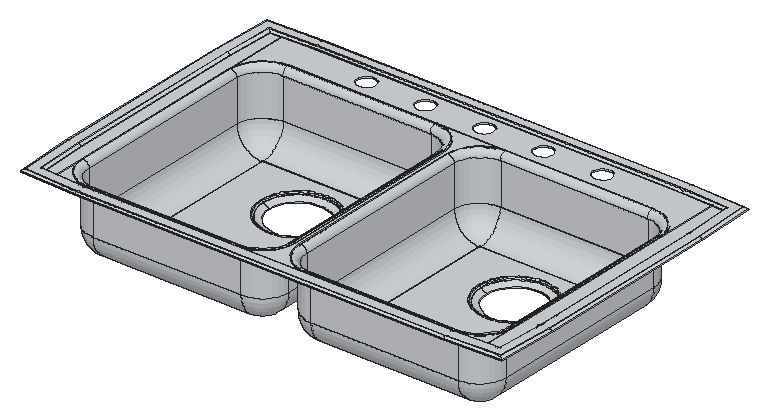
Revit family "LRAD332150", category Plumbing Fixtures, Revit 2019
Family settings
  Round Connector Dimension = Use Diameter
  Part Type = Normal
  OmniClass Number = 23.45.05.14.14
  OmniClass Title = Sinks/Lavatories
  Work Plane-Based = No
  Always vertical = Yes
  Cut with Voids When Loaded = No
  Shared = No
  Room Calculation Point = No
Parameters (values of type "LRAD3319655")
  URL = "www.elkayusa.com"
  Specification Sheet URL = "http://www.elkayusa.com/cps/rde/xbcr/elkay/01-62H_LR(Q)_LRAD(Q)_Double_Bowl.pdf"
  Sink Width = 1' - 9 1/4"  # constant formula
  Sink Material = none
  Sink Length = 2' - 9"  # constant formula
  Sink Ledge Sides Width = 0' - 2 3/8"  # constant formula
  Sink Ledge Front Width = 0' - 1 1/2"  # constant formula
  Sink Ledge Back Width = 0' - 3 3/4"  # constant formula
  Sink Depth = 0' - 5"  # constant formula
  Sink Bowl Formula = ((Sink Length - Sink Ledge Sides Width - Sink Ledge Sides Width - Partition Width) / 2)  # 1' - 1 1/2"
  Partition Width = 0' - 1 1/4"  # constant formula
  Model = "LR3321"
  Minimum Cabinet Width = "36\""
  Manufacturer = "Elkay Manufacturing"
  Installation Sheet URL = "http://www.elkayusa.com/cps/rde/xbcr/elkay/74180147.pdf"
  Hole 5 Top = 0' - 2"
  Hole 4 Top = 0' - 2"
  Hole 3 Top = 0' - 2"
  Hole 2 Top = 0' - 2"
  Hole 1 to 6 = 1' - 6"
  Hole 1 to 8 = 2' - 0"
  Hole 1 to 7 = 1' - 9"
  Hole 1 to 5 = 1' - 4"
  Hole 1 to 4 = 1' - 0"
  Hole 1 to 3 = 0' - 8"
  Hole 1 to 2 = 0' - 4"
  Hole 1 from CL = 0' - 8"
  Hole 1 Top = 0' - 2"
  Faucet Hole CL = 0' - 2 1/8"  # constant formula
  Drain Location = 0' - 5"  # constant formula
  Description = "Lustertone Double Bowl Sink"
  Deep Specification Sheet URL = "http://www.elkayusa.com/cps/rde/xbcr/elkay/01-19G_DLR(Q)_Double_Bowl.pdf"
  Custom Bowl = no
  Custom Bowl Length = ((Sink Length - Sink Ledge Sides Width - Sink Ledge Sides Width - Partition Width) / 2) - CL Sink to CL Partition  # 1' - 1 1/2"
  CL Sink to CL Partition = 0' - 0"
  Bowl Length = ((Sink Length - Sink Ledge Sides Width - Sink Ledge Sides Width - Partition Width) / 2)  # 1' - 1 1/2"
  Left Bowl Length = if(Custom Bowl, Custom Bowl Length, Sink Bowl Formula)  # 1' - 1 1/2"
  2D Hole 5 = Hole 5 Top = 0' 2"  # yes
  2D Hole 4 = Hole 4 Top = 0' 2"  # yes
  2D Hole 3 = Hole 3 Top = 0' 2"  # yes
  2D Hole 2 = Hole 2 Top = 0' 2"  # yes
  2D Hole 1 = Hole 1 Top = 0' 2"  # yes
Types (6): name | Hole 5 Top | Hole 4 Top | Hole 3 Top | Hole 2 Top | Hole 1 to 5 | Hole 1 from CL | 2D Hole 5 | 2D Hole 4 | 2D Hole 3 | 2D Hole 2
  LRAD3319655 | 0' - 2" | 0' - 2" | 0' - 2" | 0' - 2" | 1' - 4" | 0' - 8" | yes | yes | yes | yes
  LRAD3319654 | 0' - 1 1/2" | 0' - 2" | 0' - 2" | 0' - 2" | 1' - 3" | 0' - 4" | no | yes | yes | yes
  LRAD3319653 | 0' - 1 1/2" | 0' - 1 1/2" | 0' - 2" | 0' - 2" | 1' - 3" | 0' - 4" | no | no | yes | yes
  LRAD331965MR2 | 0' - 1 1/2" | 0' - 1 1/2" | 0' - 1 1/2" | 0' - 2" | 1' - 3" | 0' - 0" | no | no | no | yes
  LRAD3319652 | 0' - 1 1/2" | 0' - 1 1/2" | 0' - 1 1/2" | 0' - 2" | 1' - 3" | 0' - 2" | no | no | no | yes
  LRAD3319651 | 0' - 1 1/2" | 0' - 1 1/2" | 0' - 1 1/2" | 0' - 1 1/2" | 1' - 3" | 0' - 0" | no | no | no | no
Reference planes (in)
  plane 1 "CL Sink Hole": y = 3
  plane 2 "Rim Top Outside Corner": z = 0.0015695
  plane 3 "Center (Left/Right)": x = 0
  plane 4 "Basin Edge Left": x = -14.125
  plane 5 "Basin Edge Right": x = 14.125
  plane 6 "Basin Edge Back": y = 8
  plane 7 "Basin Edge Front": y = -8
  plane 8 "Left": x = -16.5
  plane 9 "Right": x = 16.5
  plane 10 "Back": y = 11.75
  plane 11 "Front": y = -9.5
  plane 12 "Sink Angle Back Corner": y = 11.5792275
  plane 13 "Sink Angle Right Corner": x = 16.3267866
  plane 14 "Sink Angle Right": x = 12.5172067
  plane 15 "Sink Angle Back": y = 7.4648437
  plane 16 "Sink Angle Left": x = -12.515625
  plane 17 "Sink Angle Left Corner": x = -16.328125
  plane 18 "Sink Angle Front Corner": y = -9.328125
  plane 19 "Sink Angle Front": y = -5.2148438
  plane 20 "Sink Top Face Back Edge": y = 10.7219509
  plane 21 "Sink Top Face Front Edge": y = -8.4726563
  plane 22 "Sink Top Face Right Edge": x = 14.5976563
  plane 23 "Sink Top Face Left Edge": x = -14.5976562
  plane 24 "Sink Bowl Bottom (Top Face)": z = -4.8945312
  plane 25 "Faucet CL": y = 9.625
  plane 26 "Sink Top Piece Top Face": z = -0.0194305
  plane 27 "Sink Top Piece Bottom Face": z = -0.0819305
  plane 28 "Left Sink Bottom Piece Right Edge": x = -2.3125
  plane 29 "Top Void for Radius Back Edge": y = 5.5
  plane 30 "back ledge void radius": y = 8.4921875
  plane 31 "front ledge void radius": y = -8.4921875
  plane 32 "Top Radius Corner Prot": z = -0.4405305
  plane 33: z = -3.2070312
  plane 34 "Sink Bowl Bottom (Bottom Face)": z = -4.9570312
  plane 35 "Left Sink Bottom Piece Left Edge": x = -12.4375
  plane 36 "Sink Bottom Piece Right Edge": x = 12.4375
  plane 37 "Sink Bottom Piece Back Edge": y = 6.3125
  plane 38 "Sink Bottom Piece Front Edge": y = -6.3125
  plane 39 "Top Void for Radius Front Edge": y = -5
  plane 40 "Sink Top Locked Edge Right": x = 15.5625
  plane 41 "Sink Top Locked Edge Left": x = -15.5625
  plane 42 "Hole 1": x = -8
  plane 43 "Hole 2": x = -4
  plane 44 "Hole 3": x = 0
  plane 45 "Hole 4": x = 4
  plane 46 "Hole 5": x = 8
  plane 47 "Faucet Hole Void Bottoms": z = -1.9984305
  plane 48 "Hole 1 Top": z = 0.0015695
  plane 49 "Hole 2 Top": z = 0.0015695
  plane 50 "Hole 3 Top": z = 0.0015695
  plane 51 "Hole 4 Top": z = 0.0015695
  plane 52 "Hole 5 Top": z = 0.0015695
  plane 53 "Top": z = 0.1054687
  plane 54 "Insertion Plan for Sink - Bottom Outside Corner of Rim": z = -0.0524008
  plane 55 "Center (Front/Back)": y = 0
  plane 56 "CL PARTITION": x = 0
  plane 57 "LEFT BOWL RIGHT EDGE": x = -0.625
  plane 58 "RIGHT BOWL LEFT EDGE": x = 0.625
  plane 59 "Sink Bottom Piece Left Edge": x = 2.3125
  plane 60 "Left Bowl CL Drain": x = -7.375
  plane 61 "Right Bowl CL Drain": x = 7.375
  plane 62 "Left Partition Left Edge": x = -0.1328125
  plane 63 "Left Partition Right Edge": x = 0.1328125
Forms (in)
  Sweep 1, solid, material <- "Sink Material"
    path origin (0, 0, 0) x (1, 0, 0) y (0, 1, 0)
      loop
        line (12.5172067, 11.75) -> (-12.515625, 11.75) -> (-16.328125, 11.5792275) -> (-16.5, 7.4648437) -> (-16.5, -5.2148438) -> (-16.328125, -9.328125) -> (-12.515625, -9.5) -> (12.5172067, -9.5) -> (16.3267866, -9.328125) -> (16.5, -5.2148438) -> (16.5, 7.4648437) -> (16.3267866, 11.5792275) -> (12.5172067, 11.75)
    profile "profile-elkay-sink-rim-1 : profile-elkay-sink-rim-1" origin (0.0007909, 11.75, 0) x (0, -1, 0) y (0, 0, 1)
      loop
        line (0, 0) -> (0, -0.0524008) -> (0.2039181, 0.0577989) -> (0.8052651, 0.0577989) -> (1.0074493, -0.0709913) -> (1.0074493, -0.0163327) -> (0.841093, 0.0896347)
        arc (0.841093, 0.0896347) -> (0.8176388, 0.1002604) -> (0.7921483, 0.1038992) r 0.091102
        line (0.7921483, 0.1038992) -> (0.2153023, 0.1038992)
        arc (0.2153023, 0.1038992) -> (0.1929626, 0.1011179) -> (0.1719868, 0.0929438) r 0.0911081
        line (0.1719868, 0.0929438) -> (0, 0)
  Extrusion 2, solid, material <- "Sink Material"
    sketch origin (0, 0, 0) x (1, 0, 0) y (0, 1, 0)
      loop
        line (-14.5976562, 10.7219509) -> (-14.5976562, 5.5) -> (14.5976563, 5.5) -> (14.5976563, 10.7219509) -> (-14.5976562, 10.7219509)
    from -0.0819305 to -0.0194305
  Extrusion 3, void
    sketch origin (0, 0, 0) x (1, 0, 0) y (0, 1, 0)
      loop
        line (14.5976563, 5.5) -> (14.5976563, 6.1441505)
        arc (14.5976563, 6.1441505) -> (13.9099321, 7.8044634) -> (12.2496193, 8.4921875) r 2.348037
        line (12.2496193, 8.4921875) -> (-12.25, 8.4921875)
        arc (-12.25, 8.4921875) -> (-13.9100437, 7.8045749) -> (-14.5976562, 6.1445312) r 2.3476562
        line (-14.5976562, 6.1445312) -> (-14.5976562, 5.5) -> (14.5976563, 5.5)
    from -0.7469965 to 0.495879
  Extrusion 4, solid, material <- "Sink Material"
    sketch origin (0, 0, 0) x (1, 0, 0) y (0, 1, 0)
      loop
        line (-14.5976562, -5.2148438) -> (-14.5976562, -8.4726563) -> (14.5976563, -8.4726563) -> (14.5976563, -5.2148438) -> (-14.5976562, -5.2148438)
    from -0.0819305 to -0.0194305
  Extrusion 5, void
    sketch origin (0, 0, 0) x (1, 0, 0) y (0, 1, 0)
      loop
        line (-14.5976562, -5) -> (-14.5976562, -6.2107599)
        arc (-14.5976562, -6.2107599) -> (-13.9294416, -7.8239728) -> (-12.3162287, -8.4921875) r 2.2814276
        line (-12.3162287, -8.4921875) -> (12.3164063, -8.4921875)
        arc (12.3164063, -8.4921875) -> (13.9294936, -7.8240248) -> (14.5976562, -6.2109375) r 2.28125
        line (14.5976562, -6.2109375) -> (14.5976563, -5) -> (-14.5976562, -5)
    from -1.9984305 to 0.6466859
  Extrusion 6, solid, material <- "Sink Material"
    sketch origin (0, 0, 0) x (1, 0, 0) y (0, 1, 0)
      loop
        line (-15.5625, 10.7219509) -> (-15.5625, -8.4726563) -> (-14.5976562, -8.4726563) -> (-14.5976562, 10.7219509) -> (-15.5625, 10.7219509)
    from -0.0819305 to -0.0194305
  Extrusion 7, solid, material <- "Sink Material"
    sketch origin (0, 0, 0) x (1, 0, 0) y (0, 1, 0)
      loop
        line (14.5976563, 10.7219509) -> (14.5976563, -8.4726563) -> (15.5625, -8.4726563) -> (15.5625, 10.7219509) -> (14.5976563, 10.7219509)
    from -0.0819305 to -0.0194305
  Sweep 8, solid, material <- "Sink Material"
    path origin (-14.75, 0, -0.0194305) x (-1, 0, 0) y (0, -1, 0)
      loop
        line (-12.375, -8) -> (-2.375, -8)
        arc (-2.375, -8) -> (-1.1375631, -7.4874369) -> (-0.625, -6.25) r 1.75
        line (-0.625, -6.25) -> (-0.625, 6.25)
        arc (-0.625, 6.25) -> (-1.1375631, 7.4874369) -> (-2.375, 8) r 1.75
        line (-2.375, 8) -> (-12.375, 8)
        arc (-12.375, 8) -> (-13.6124369, 7.4874369) -> (-14.125, 6.25) r 1.75
        line (-14.125, 6.25) -> (-14.125, -6.25)
        arc (-14.125, -6.25) -> (-13.6124369, -7.4874369) -> (-12.375, -8) r 1.75
    profile "profile-elkay-sink-top corner : profile-elkay-sink-top corner" origin (-7.375, 8, -0.0194305) x (0, -1, 0) y (0, 0, 1)
      loop
        line (-0.4204811, 0) -> (-0.4921875, 0) -> (-0.4921875, -0.0461) -> (-0.4204811, -0.0461)
        arc (-0.4204811, -0.0461) -> (-0.1553161, -0.155935) -> (-0.0454811, -0.4211) r 0.375
        line (-0.0454811, -0.4211) -> (0.0006189, -0.4211)
        arc (0.0006189, -0.4211) -> (-0.1227185, -0.1233373) -> (-0.4204811, 0) r 0.4211
  Sweep 9, solid, material <- "Sink Material"
    path origin (-14.75, 0, -4.8945312) x (-1, 0, 0) y (0, -1, 0)
      loop
        line (-0.625, -6.25) -> (-0.625, 6.25)
        arc (-0.625, 6.25) -> (-1.1375631, 7.4874369) -> (-2.375, 8) r 1.75
        line (-2.375, 8) -> (-12.375, 8)
        arc (-12.375, 8) -> (-13.6124369, 7.4874369) -> (-14.125, 6.25) r 1.75
        line (-14.125, 6.25) -> (-14.125, -6.25)
        arc (-14.125, -6.25) -> (-13.6124369, -7.4874369) -> (-12.375, -8) r 1.75
        line (-12.375, -8) -> (-2.375, -8)
        arc (-2.375, -8) -> (-1.1375631, -7.4874369) -> (-0.625, -6.25) r 1.75
    profile "profile-elkay-sink-btm-crnr_1-6875 : profile-elkay-sink-btm-crnr_1-6875" origin (-14.125, 0, -4.8945312) x (1, 0, 0) y (0, 0, 1)
      loop
        line (1.6875, -0.0625) -> (1.6875, 0)
        arc (1.6875, 0) -> (0.4942573, 0.4942573) -> (0, 1.6875) r 1.6875
        line (0, 1.6875) -> (-0.0625, 1.6875)
        arc (-0.0625, 1.6875) -> (0.4500631, 0.4500631) -> (1.6875, -0.0625) r 1.75
  Extrusion 10, solid, material <- "Sink Material"
    sketch origin (0, 0, 0) x (1, 0, 0) y (0, 1, 0)
      loop
        line (-12.4375, 6.3125) -> (-12.4375, -6.3125) -> (-2.3125, -6.3125) -> (-2.3125, 6.3125) -> (-12.4375, 6.3125)
    from -4.9570312 to -4.8945312
  Extrusion 11, solid, material <- "Sink Material"
    sketch origin (-14.75, 0, 0) x (1, 0, 0) y (0, 1, 0)
      loop
        arc (2.375, 8) -> (1.1375631, 7.4874369) -> (0.625, 6.25) r 1.75
        line (0.625, 6.25) -> (0.625, -6.25)
        arc (0.625, -6.25) -> (1.1375631, -7.4874369) -> (2.375, -8) r 1.75
        line (2.375, -8) -> (12.375, -8)
        arc (12.375, -8) -> (13.6124369, -7.4874369) -> (14.125, -6.25) r 1.75
        line (14.125, -6.25) -> (14.125, 6.25)
        arc (14.125, 6.25) -> (13.6124369, 7.4874369) -> (12.375, 8) r 1.75
        line (12.375, 8) -> (2.375, 8)
      loop
        arc (2.375, 8.0625) -> (1.093369, 7.531631) -> (0.5625, 6.25) r 1.8125
        line (0.5625, 6.25) -> (0.5625, -6.25)
        arc (0.5625, -6.25) -> (1.093369, -7.531631) -> (2.375, -8.0625) r 1.8125
        line (2.375, -8.0625) -> (12.375, -8.0625)
        arc (12.375, -8.0625) -> (13.656631, -7.531631) -> (14.1875, -6.25) r 1.8125
        line (14.1875, -6.25) -> (14.1875, 6.25)
        arc (14.1875, 6.25) -> (13.656631, 7.531631) -> (12.375, 8.0625) r 1.8125
        line (12.375, 8.0625) -> (2.375, 8.0625)
    from -3.2070312 to -0.4405305
  Extrusion 12, void
    sketch origin (0, 0, 0) x (1, 0, 0) y (0, 1, 0)
      loop
        circle (-7.375, 3) r 2.5
    from -4.9570312 to -3.8320313
  Sweep 13, solid, material <- "Sink Material"
    path origin (-14.75, 0, -4.8945312) x (-1, 0, 0) y (0, -1, 0)
      loop
        circle (-7.375, -3) r 2.501635
    profile "profile-elkay-sink-hole-1 : profile-elkay-sink-hole-1" origin (-7.375, 0.498365, -4.8945312) x (0, 1, 0) y (0, 0, 1)
      loop
        line (0.5785343, -0.3269365) -> (0.1564602, -0.1343744)
        arc (0.1564602, -0.1343744) -> (0.1424945, -0.125589) -> (0.1313144, -0.1134552) r 0.0625
        line (0.1313144, -0.1134552) -> (0.0881719, -0.0522605)
        arc (0.0881719, -0.0522605) -> (0.0506391, -0.015074) -> (0, 0) r 0.1086
        line (0, 0) -> (0, -0.0461763)
        arc (0, -0.0461763) -> (0.0262058, -0.0541921) -> (0.0464633, -0.0726482) r 0.0625
        line (0.0464633, -0.0726482) -> (0.093406, -0.1396891)
        arc (0.093406, -0.1396891) -> (0.1129384, -0.1609677) -> (0.1373891, -0.176345) r 0.1086
        line (0.1373891, -0.176345) -> (0.5785343, -0.3776079) -> (0.5785343, -0.3269365)
  Sweep 14, solid, material <- "Sink Material"
    path origin (14.75, 0, -0.0194305) x (-1, 0, 0) y (0, -1, 0)
      loop
        line (2.375, -8) -> (12.375, -8)
        arc (12.375, -8) -> (13.6124369, -7.4874369) -> (14.125, -6.25) r 1.75
        line (14.125, -6.25) -> (14.125, 6.25)
        arc (14.125, 6.25) -> (13.6124369, 7.4874369) -> (12.375, 8) r 1.75
        line (12.375, 8) -> (2.375, 8)
        arc (2.375, 8) -> (1.1375631, 7.4874369) -> (0.625, 6.25) r 1.75
        line (0.625, 6.25) -> (0.625, -6.25)
        arc (0.625, -6.25) -> (1.1375631, -7.4874369) -> (2.375, -8) r 1.75
    profile "profile-elkay-sink-top corner : profile-elkay-sink-top corner" origin (7.375, 8, -0.0194305) x (0, -1, 0) y (0, 0, 1)
      loop
        line (-0.4204811, 0) -> (-0.4921875, 0) -> (-0.4921875, -0.0461) -> (-0.4204811, -0.0461)
        arc (-0.4204811, -0.0461) -> (-0.1553161, -0.155935) -> (-0.0454811, -0.4211) r 0.375
        line (-0.0454811, -0.4211) -> (0.0006189, -0.4211)
        arc (0.0006189, -0.4211) -> (-0.1227185, -0.1233373) -> (-0.4204811, 0) r 0.4211
  Sweep 15, solid, material <- "Sink Material"
    path origin (14.75, 0, -4.8945312) x (-1, 0, 0) y (0, -1, 0)
      loop
        line (14.125, -6.25) -> (14.125, 6.25)
        arc (14.125, 6.25) -> (13.6124369, 7.4874369) -> (12.375, 8) r 1.75
        line (12.375, 8) -> (2.375, 8)
        arc (2.375, 8) -> (1.1375631, 7.4874369) -> (0.625, 6.25) r 1.75
        line (0.625, 6.25) -> (0.625, -6.25)
        arc (0.625, -6.25) -> (1.1375631, -7.4874369) -> (2.375, -8) r 1.75
        line (2.375, -8) -> (12.375, -8)
        arc (12.375, -8) -> (13.6124369, -7.4874369) -> (14.125, -6.25) r 1.75
    profile "profile-elkay-sink-btm-crnr_1-6875 : profile-elkay-sink-btm-crnr_1-6875" origin (0.625, 0, -4.8945312) x (1, 0, 0) y (0, 0, 1)
      loop
        line (1.6875, -0.0625) -> (1.6875, 0)
        arc (1.6875, 0) -> (0.4942573, 0.4942573) -> (0, 1.6875) r 1.6875
        line (0, 1.6875) -> (-0.0625, 1.6875)
        arc (-0.0625, 1.6875) -> (0.4500631, 0.4500631) -> (1.6875, -0.0625) r 1.75
  Extrusion 16, solid, material <- "Sink Material"
    sketch origin (14.75, 0, 0) x (1, 0, 0) y (0, 1, 0)
      loop
        arc (-12.375, 8) -> (-13.6124369, 7.4874369) -> (-14.125, 6.25) r 1.75
        line (-14.125, 6.25) -> (-14.125, -6.25)
        arc (-14.125, -6.25) -> (-13.6124369, -7.4874369) -> (-12.375, -8) r 1.75
        line (-12.375, -8) -> (-2.375, -8)
        arc (-2.375, -8) -> (-1.1375631, -7.4874369) -> (-0.625, -6.25) r 1.75
        line (-0.625, -6.25) -> (-0.625, 6.25)
        arc (-0.625, 6.25) -> (-1.1375631, 7.4874369) -> (-2.375, 8) r 1.75
        line (-2.375, 8) -> (-12.375, 8)
      loop
        arc (-12.375, 8.0625) -> (-13.656631, 7.531631) -> (-14.1875, 6.25) r 1.8125
        line (-14.1875, 6.25) -> (-14.1875, -6.25)
        arc (-14.1875, -6.25) -> (-13.656631, -7.531631) -> (-12.375, -8.0625) r 1.8125
        line (-12.375, -8.0625) -> (-2.375, -8.0625)
        arc (-2.375, -8.0625) -> (-1.093369, -7.531631) -> (-0.5625, -6.25) r 1.8125
        line (-0.5625, -6.25) -> (-0.5625, 6.25)
        arc (-0.5625, 6.25) -> (-1.093369, 7.531631) -> (-2.375, 8.0625) r 1.8125
        line (-2.375, 8.0625) -> (-12.375, 8.0625)
    from -3.2070312 to -0.4405305
  Extrusion 17, solid, material <- "Sink Material"
    sketch origin (0, 0, 0) x (1, 0, 0) y (0, 1, 0)
      loop
        line (2.3125, 6.3125) -> (2.3125, -6.3125) -> (12.4375, -6.3125) -> (12.4375, 6.3125) -> (2.3125, 6.3125)
    from -4.9570312 to -4.8945312
  Extrusion 18, void
    sketch origin (0, 0, 0) x (1, 0, 0) y (0, 1, 0)
      loop
        circle (7.375, 3) r 2.5
    from -4.9570312 to -3.2070312
  Sweep 19, solid, material <- "Sink Material"
    path origin (14.75, 0, -4.8945312) x (-1, 0, 0) y (0, -1, 0)
      loop
        circle (7.375, -3) r 2.501635
    profile "profile-elkay-sink-hole-1 : profile-elkay-sink-hole-1" origin (7.375, 0.498365, -4.8945312) x (0, 1, 0) y (0, 0, 1)
      loop
        line (0.5785343, -0.3269365) -> (0.1564602, -0.1343744)
        arc (0.1564602, -0.1343744) -> (0.1424945, -0.125589) -> (0.1313144, -0.1134552) r 0.0625
        line (0.1313144, -0.1134552) -> (0.0881719, -0.0522605)
        arc (0.0881719, -0.0522605) -> (0.0506391, -0.015074) -> (0, 0) r 0.1086
        line (0, 0) -> (0, -0.0461763)
        arc (0, -0.0461763) -> (0.0262058, -0.0541921) -> (0.0464633, -0.0726482) r 0.0625
        line (0.0464633, -0.0726482) -> (0.093406, -0.1396891)
        arc (0.093406, -0.1396891) -> (0.1129384, -0.1609677) -> (0.1373891, -0.176345) r 0.1086
        line (0.1373891, -0.176345) -> (0.5785343, -0.3776079) -> (0.5785343, -0.3269365)
  Extrusion 20, void
    sketch origin (0, 0, 0) x (1, 0, 0) y (0, 1, 0)
      loop
        circle (-8, 9.625) r 0.625
    from -1.9984305 to 0.0015695
  Extrusion 21, void
    sketch origin (0, 0, 0) x (1, 0, 0) y (0, 1, 0)
      loop
        circle (-4, 9.625) r 0.625
    from -1.9984305 to 0.0015695
  Extrusion 22, void
    sketch origin (0, 0, 0) x (1, 0, 0) y (0, 1, 0)
      loop
        circle (0, 9.625) r 0.625
    from -1.9984305 to 0.0015695
  Extrusion 23, void
    sketch origin (0, 0, 0) x (1, 0, 0) y (0, 1, 0)
      loop
        circle (4, 9.625) r 0.625
    from -1.9984305 to 0.0015695
  Extrusion 24, void
    sketch origin (0, 0, 0) x (1, 0, 0) y (0, 1, 0)
      loop
        circle (8, 9.625) r 0.625
    from -1.9984305 to 0.0015695
  Extrusion 25, solid, material <- "Sink Material"
    sketch origin (0, 0, 0) x (1, 0, 0) y (0, 1, 0)
      loop
        arc (-2.375, 8.4921875) -> (-0.789534, 7.835466) -> (-0.1328125, 6.25) r 2.2421875
        line (-0.1328125, 6.25) -> (-0.1328125, -6.25)
        arc (-0.1328125, -6.25) -> (-0.789534, -7.835466) -> (-2.375, -8.4921875) r 2.2421875
        line (-2.375, -8.4921875) -> (2.375, -8.4921875)
        arc (2.375, -8.4921875) -> (0.789534, -7.835466) -> (0.1328125, -6.25) r 2.2421875
        line (0.1328125, -6.25) -> (0.1328125, 6.25)
        arc (0.1328125, 6.25) -> (0.789534, 7.835466) -> (2.375, 8.4921875) r 2.2421875
        line (2.375, 8.4921875) -> (-2.375, 8.4921875)
    from -0.0819305 to -0.0194305
Cuts and joins
  Extrusion 3, Extrusion 12, Extrusion 18, Extrusion 20, Extrusion 21, Extrusion 22, Extrusion 23, Extrusion 24 cuts Sweep 1
  Extrusion 3, Extrusion 20, Extrusion 21, Extrusion 22, Extrusion 23, Extrusion 24 cuts Extrusion 2
  Extrusion 5 cuts Extrusion 4
  Extrusion 12 cuts Extrusion 10
  Extrusion 18 cuts Extrusion 17
Lines and regions (in)
  reference lines
    curve 1: line (12.5172067, 11.75, 0) -> (16.3267866, 11.5792275, 0)
    curve 2: line (16.3267866, 11.5792275, 0) -> (16.5, 7.4648437, 0)
    curve 3: line (-12.515625, 11.75, 0) -> (-16.328125, 11.5792275, 0)
    curve 4: line (-16.328125, 11.5792275, 0) -> (-16.5, 7.4648437, 0)
    curve 5: line (-16.5, -5.2148438, 0) -> (-16.328125, -9.328125, 0)
    curve 6: line (-16.328125, -9.328125, 0) -> (-12.515625, -9.5, 0)
    curve 7: line (16.5, -5.2148438, 0) -> (16.3267866, -9.328125, 0)
    curve 8: line (16.3267866, -9.328125, 0) -> (12.5172067, -9.5, 0)
Dimensions and locks (in)
  "Sink Ledge Sides Width": plane 8 "Left" to plane 4 "Basin Edge Left"
  "Sink Ledge Sides Width": plane 5 "Basin Edge Right" to plane 9 "Right"
  "Sink Length": plane 8 "Left" to plane 9 "Right"
  "Drain Location": plane 6 "Basin Edge Back" to plane 1 "CL Sink Hole"
  "Sink Ledge Back Width": plane 10 "Back" to plane 6 "Basin Edge Back"
  "Sink Ledge Front Width": plane 7 "Basin Edge Front" to plane 11 "Front"
  locked: plane 13 "Sink Angle Right Corner" to plane 9 "Right" at 0.1732134
  locked: plane 10 "Back" to plane 12 "Sink Angle Back Corner" at 0.1707725
  locked: plane 14 "Sink Angle Right" to plane 9 "Right" at 3.9827933
  locked: plane 10 "Back" to plane 15 "Sink Angle Back" at 4.2851562
  locked: plane 8 "Left" to plane 17 "Sink Angle Left Corner" at 0.171875
  locked: plane 8 "Left" to plane 16 "Sink Angle Left" at 3.984375
  locked: plane 18 "Sink Angle Front Corner" to plane 11 "Front" at 0.171875
  locked: plane 19 "Sink Angle Front" to plane 11 "Front" at 4.2851562
  "Sink Width": plane 10 "Back" to plane 11 "Front"
  locked: plane 10 "Back" to plane 20 "Sink Top Face Back Edge" at 1.0280491
  locked: plane 21 "Sink Top Face Front Edge" to plane 11 "Front" at 1.0273438
  locked: plane 23 "Sink Top Face Left Edge" to plane 4 "Basin Edge Left" at 0.4726562
  "Sink Depth": plane 53 "Top" to plane 24 "Sink Bowl Bottom (Top Face)"
  "Faucet Hole CL": plane 10 "Back" to plane 25 "Faucet CL"
  locked: plane 2 "Rim Top Outside Corner" to plane 26 "Sink Top Piece Top Face" at 0.021
  locked: plane 26 "Sink Top Piece Top Face" to plane 27 "Sink Top Piece Bottom Face" at 0.0625
  locked: plane 6 "Basin Edge Back" to plane 29 "Top Void for Radius Back Edge" at 2.5
  locked: plane 30 "back ledge void radius" to plane 29 "Top Void for Radius Back Edge" at 2.9921875
  locked: plane 39 "Top Void for Radius Front Edge" to plane 31 "front ledge void radius" at 3.4921875
  locked: plane 2 "Rim Top Outside Corner" to plane 32 "Top Radius Corner Prot" at 0.4421
  locked: plane 33 to plane 24 "Sink Bowl Bottom (Top Face)" at 1.6875
  locked: plane 24 "Sink Bowl Bottom (Top Face)" to plane 34 "Sink Bowl Bottom (Bottom Face)" at 0.0625
  locked: plane 38 "Sink Bottom Piece Front Edge" to plane 7 "Basin Edge Front" at 1.6875
  locked: plane 4 "Basin Edge Left" to plane 35 "Left Sink Bottom Piece Left Edge" at 1.6875
  locked: plane 36 "Sink Bottom Piece Right Edge" to plane 5 "Basin Edge Right" at 1.6875
  locked: plane 6 "Basin Edge Back" to plane 37 "Sink Bottom Piece Back Edge" at 1.6875
  locked: plane 39 "Top Void for Radius Front Edge" to plane 7 "Basin Edge Front" at 3
  locked: plane 5 "Basin Edge Right" to plane 22 "Sink Top Face Right Edge" at 0.4726562
  locked: Extrusion 3 sketch curve to plane 5 "Basin Edge Right" at 1.8753807
  locked: plane 6 "Basin Edge Back" to Extrusion 3 sketch curve at 1.8558495
  locked: plane 4 "Basin Edge Left" to Extrusion 3 sketch curve at 1.875
  locked: plane 6 "Basin Edge Back" to Extrusion 3 sketch curve at 1.8554688
  locked: plane 4 "Basin Edge Left" to Extrusion 5 sketch curve at 1.8087713
  locked: Extrusion 5 sketch curve to plane 5 "Basin Edge Right" at 1.8085938
  locked: Extrusion 5 sketch curve to plane 7 "Basin Edge Front" at 1.7892401
  locked: Extrusion 5 sketch curve to plane 7 "Basin Edge Front" at 1.7890625
  locked: plane 40 "Sink Top Locked Edge Right" to plane 9 "Right" at 0.9375
  locked: plane 8 "Left" to plane 41 "Sink Top Locked Edge Left" at 0.9375
  "Hole 1 from CL": plane 42 "Hole 1" to plane 3 "Center (Left/Right)"
  "Hole 1 to 2": plane 42 "Hole 1" to plane 43 "Hole 2"
  "Hole 1 to 3": plane 42 "Hole 1" to plane 44 "Hole 3"
  "Hole 1 to 4": plane 42 "Hole 1" to plane 45 "Hole 4"
  "Hole 1 to 5": plane 42 "Hole 1" to plane 46 "Hole 5"
  locked: plane 2 "Rim Top Outside Corner" to plane 47 "Faucet Hole Void Bottoms" at 2
  "Hole 1 Top": plane 48 "Hole 1 Top" to plane 47 "Faucet Hole Void Bottoms"
  "Hole 2 Top": plane 49 "Hole 2 Top" to plane 47 "Faucet Hole Void Bottoms"
  "Hole 3 Top": plane 50 "Hole 3 Top" to plane 47 "Faucet Hole Void Bottoms"
  "Hole 4 Top": plane 51 "Hole 4 Top" to plane 47 "Faucet Hole Void Bottoms"
  "Hole 5 Top": plane 52 "Hole 5 Top" to plane 47 "Faucet Hole Void Bottoms"
  locked: plane 53 "Top" to plane 2 "Rim Top Outside Corner" at 0.1038992
  locked: plane 53 "Top" to plane 54 "Insertion Plan for Sink - Bottom Outside Corner of Rim" at 0.1578695
  equal spacing: plane 6 "Basin Edge Back", plane 55 "Center (Front/Back)", plane 7 "Basin Edge Front"
  locked: plane 28 "Left Sink Bottom Piece Right Edge" to plane 57 "LEFT BOWL RIGHT EDGE" at 1.6875
  locked: plane 58 "RIGHT BOWL LEFT EDGE" to plane 59 "Sink Bottom Piece Left Edge" at 1.6875
  locked: plane 6 "Basin Edge Back" to Sweep 8 sketch curve at 1.75  (x2)
  locked: plane 4 "Basin Edge Left" to Sweep 8 sketch curve at 1.75  (x2)
  locked: Sweep 8 sketch curve to plane 57 "LEFT BOWL RIGHT EDGE" at 1.75  (x2)
  locked: Sweep 8 sketch curve to plane 7 "Basin Edge Front" at 1.75  (x2)
  equal spacing: plane 8 "Left", plane 3 "Center (Left/Right)", plane 9 "Right"
  equal spacing: plane 4 "Basin Edge Left", plane 60 "Left Bowl CL Drain", plane 57 "LEFT BOWL RIGHT EDGE"
  equal spacing: plane 58 "RIGHT BOWL LEFT EDGE", plane 61 "Right Bowl CL Drain", plane 5 "Basin Edge Right"
  locked: plane 4 "Basin Edge Left" to Sweep 9 sketch curve at 1.75  (x2)
  locked: Sweep 9 sketch curve to plane 57 "LEFT BOWL RIGHT EDGE" at 1.75  (x2)
  locked: plane 6 "Basin Edge Back" to Sweep 9 sketch curve at 1.75  (x2)
  locked: Sweep 9 sketch curve to plane 7 "Basin Edge Front" at 1.75  (x2)
  locked: plane 6 "Basin Edge Back" to Extrusion 11 sketch curve at 1.75  (x2)
  locked: plane 4 "Basin Edge Left" to Extrusion 11 sketch curve at 1.75  (x2)
  locked: Extrusion 11 sketch curve to plane 57 "LEFT BOWL RIGHT EDGE" at 1.75  (x2)
  locked: Extrusion 11 sketch curve to plane 7 "Basin Edge Front" at 1.75  (x2)
  locked: plane 58 "RIGHT BOWL LEFT EDGE" to Sweep 14 sketch curve at 1.75  (x2)
  locked: Sweep 14 sketch curve to plane 5 "Basin Edge Right" at 1.75  (x2)
  locked: plane 6 "Basin Edge Back" to Sweep 14 sketch curve at 1.75  (x2)
  locked: Sweep 14 sketch curve to plane 7 "Basin Edge Front" at 1.75  (x2)
  locked: Sweep 15 sketch curve to plane 5 "Basin Edge Right" at 1.75  (x2)
  locked: Sweep 15 sketch curve to plane 7 "Basin Edge Front" at 1.75  (x2)
  locked: plane 58 "RIGHT BOWL LEFT EDGE" to Sweep 15 sketch curve at 1.75  (x2)
  locked: plane 6 "Basin Edge Back" to Sweep 15 sketch curve at 1.75  (x2)
  locked: plane 58 "RIGHT BOWL LEFT EDGE" to Extrusion 16 sketch curve at 1.75  (x2)
  locked: Extrusion 16 sketch curve to plane 5 "Basin Edge Right" at 1.75  (x2)
  locked: Extrusion 16 sketch curve to plane 7 "Basin Edge Front" at 1.75  (x2)
  locked: plane 6 "Basin Edge Back" to Extrusion 16 sketch curve at 1.75  (x2)
  plane 8 "Left" to plane 42 "Hole 1" = 0' - 8 1/2"
  locked: Extrusion 25 sketch curve to plane 57 "LEFT BOWL RIGHT EDGE" at 1.75  (x2)
  locked: plane 6 "Basin Edge Back" to Extrusion 25 sketch curve at 1.75  (x2)
  locked: Extrusion 25 sketch curve to plane 31 "front ledge void radius" at 2.2421875  (x2)
  plane 62 "Left Partition Left Edge" to plane 56 "CL PARTITION" to plane 63 "Left Partition Right Edge" = 0' - 0 17/128" locked, 0' - 0 17/128" locked
  "CL Sink to CL Partition": plane 56 "CL PARTITION" to plane 3 "Center (Left/Right)"
  "Partition Width": plane 57 "LEFT BOWL RIGHT EDGE" to plane 58 "RIGHT BOWL LEFT EDGE"
  equal spacing: plane 57 "LEFT BOWL RIGHT EDGE", plane 56 "CL PARTITION", plane 58 "RIGHT BOWL LEFT EDGE"
  locked: plane 58 "RIGHT BOWL LEFT EDGE" to Extrusion 25 sketch curve at 1.75  (x2)
  aligned and locked: plane 9 "Right" to Sweep 1 sketch curve
  aligned and locked: plane 10 "Back" to Sweep 1 sketch curve
  aligned and locked: Sweep 1 sketch curve to plane 8 "Left"
  aligned and locked: Sweep 1 sketch curve to plane 11 "Front"
  aligned and locked: Sweep 1 sketch curve to curve 7
  aligned and locked: Sweep 1 sketch curve to curve 8
  aligned and locked: Sweep 1 sketch curve to curve 6
  aligned and locked: Sweep 1 sketch curve to curve 5
  aligned and locked: Sweep 1 sketch curve to curve 4
  aligned and locked: Sweep 1 sketch curve to curve 3
  aligned and locked: Sweep 1 sketch curve to curve 1
  aligned and locked: Sweep 1 sketch curve to curve 2
  aligned and locked: plane 29 "Top Void for Radius Back Edge" to Extrusion 2 sketch curve
  aligned and locked: plane 23 "Sink Top Face Left Edge" to Extrusion 2 sketch curve
  aligned and locked: Extrusion 2 sketch curve to plane 22 "Sink Top Face Right Edge"
  aligned and locked: Extrusion 2 sketch curve to plane 20 "Sink Top Face Back Edge"
  aligned and locked: Extrusion 2 to plane 27 "Sink Top Piece Bottom Face"
  aligned and locked: plane 23 "Sink Top Face Left Edge" to Extrusion 3 sketch curve
  aligned and locked: Extrusion 3 sketch curve to plane 22 "Sink Top Face Right Edge"
  aligned and locked: plane 29 "Top Void for Radius Back Edge" to Extrusion 3 sketch curve
  aligned and locked: plane 26 "Sink Top Piece Top Face" to Extrusion 2
  aligned and locked: Extrusion 3 sketch curve to plane 30 "back ledge void radius"
  aligned and locked: plane 23 "Sink Top Face Left Edge" to Extrusion 4 sketch curve
  aligned and locked: Extrusion 4 sketch curve to plane 19 "Sink Angle Front"
  aligned and locked: plane 21 "Sink Top Face Front Edge" to Extrusion 4 sketch curve
  aligned and locked: Extrusion 4 sketch curve to plane 22 "Sink Top Face Right Edge"
  aligned and locked: plane 26 "Sink Top Piece Top Face" to Extrusion 4
  aligned and locked: Extrusion 4 to plane 27 "Sink Top Piece Bottom Face"
  aligned and locked: Extrusion 5 sketch curve to plane 22 "Sink Top Face Right Edge"
  aligned and locked: plane 23 "Sink Top Face Left Edge" to Extrusion 5 sketch curve
  aligned and locked: plane 31 "front ledge void radius" to Extrusion 5 sketch curve
  aligned and locked: Extrusion 5 sketch curve to plane 39 "Top Void for Radius Front Edge"
  aligned and locked: plane 41 "Sink Top Locked Edge Left" to Extrusion 6 sketch curve
  aligned and locked: Extrusion 6 sketch curve to plane 23 "Sink Top Face Left Edge"
  aligned and locked: Extrusion 6 to plane 27 "Sink Top Piece Bottom Face"
  aligned and locked: plane 26 "Sink Top Piece Top Face" to Extrusion 6
  aligned and locked: plane 20 "Sink Top Face Back Edge" to Extrusion 6
  aligned and locked: Extrusion 6 to plane 21 "Sink Top Face Front Edge"
  aligned and locked: Extrusion 7 sketch curve to plane 20 "Sink Top Face Back Edge"
  aligned and locked: plane 22 "Sink Top Face Right Edge" to Extrusion 7 sketch curve
  aligned and locked: plane 21 "Sink Top Face Front Edge" to Extrusion 7 sketch curve
  aligned and locked: plane 40 "Sink Top Locked Edge Right" to Extrusion 7 sketch curve
  aligned and locked: plane 27 "Sink Top Piece Bottom Face" to Extrusion 7
  aligned and locked: plane 26 "Sink Top Piece Top Face" to Extrusion 7
  aligned and locked: Extrusion 5 to plane 47 "Faucet Hole Void Bottoms"
  aligned and locked: Sweep 8 sketch curve to plane 4 "Basin Edge Left"
  aligned and locked: Sweep 8 sketch curve to plane 57 "LEFT BOWL RIGHT EDGE"
  aligned and locked: Sweep 9 sketch curve to plane 57 "LEFT BOWL RIGHT EDGE"
  aligned and locked: Sweep 9 sketch curve to plane 6 "Basin Edge Back"
  aligned and locked: Sweep 9 sketch curve to plane 7 "Basin Edge Front"
  aligned and locked: plane 35 "Left Sink Bottom Piece Left Edge" to Extrusion 10 sketch curve
  aligned and locked: Extrusion 10 sketch curve to plane 28 "Left Sink Bottom Piece Right Edge"
  aligned and locked: plane 38 "Sink Bottom Piece Front Edge" to Extrusion 10 sketch curve
  aligned and locked: Extrusion 10 sketch curve to plane 37 "Sink Bottom Piece Back Edge"
  aligned and locked: Extrusion 10 to plane 34 "Sink Bowl Bottom (Bottom Face)"
  aligned and locked: plane 24 "Sink Bowl Bottom (Top Face)" to Extrusion 10
  aligned and locked: plane 4 "Basin Edge Left" to Extrusion 11 sketch curve
  aligned and locked: plane 7 "Basin Edge Front" to Extrusion 11 sketch curve
  aligned and locked: Extrusion 11 sketch curve to plane 57 "LEFT BOWL RIGHT EDGE"
  aligned and locked: Extrusion 11 sketch curve to plane 6 "Basin Edge Back"
  aligned and locked: plane 32 "Top Radius Corner Prot" to Extrusion 11
  aligned and locked: Extrusion 12 to plane 34 "Sink Bowl Bottom (Bottom Face)"
  aligned and locked: Sweep 14 sketch curve to plane 7 "Basin Edge Front"
  aligned and locked: Sweep 14 sketch curve to plane 5 "Basin Edge Right"
  aligned and locked: Sweep 14 sketch curve to plane 58 "RIGHT BOWL LEFT EDGE"
  aligned and locked: Sweep 15 sketch curve to plane 58 "RIGHT BOWL LEFT EDGE"
  aligned and locked: Sweep 15 sketch curve to plane 5 "Basin Edge Right"
  aligned and locked: Sweep 15 sketch curve to plane 7 "Basin Edge Front"
  aligned and locked: plane 32 "Top Radius Corner Prot" to Extrusion 16
  aligned and locked: plane 59 "Sink Bottom Piece Left Edge" to Extrusion 17 sketch curve
  aligned and locked: Extrusion 17 sketch curve to plane 36 "Sink Bottom Piece Right Edge"
  aligned and locked: plane 38 "Sink Bottom Piece Front Edge" to Extrusion 17 sketch curve
  aligned and locked: Extrusion 17 sketch curve to plane 37 "Sink Bottom Piece Back Edge"
  aligned: Extrusion 17 to plane 24 "Sink Bowl Bottom (Top Face)"
  aligned and locked: Extrusion 17 to plane 34 "Sink Bowl Bottom (Bottom Face)"
  aligned and locked: plane 24 "Sink Bowl Bottom (Top Face)" to Extrusion 17
  aligned and locked: Extrusion 18 to plane 34 "Sink Bowl Bottom (Bottom Face)"
  aligned and locked: plane 33 to Extrusion 18
  aligned and locked: plane 58 "RIGHT BOWL LEFT EDGE" to Extrusion 16 sketch curve
  aligned and locked: Extrusion 20 to plane 47 "Faucet Hole Void Bottoms"
  aligned and locked: Extrusion 21 to plane 47 "Faucet Hole Void Bottoms"
  aligned and locked: Extrusion 22 to plane 47 "Faucet Hole Void Bottoms"
  aligned and locked: Extrusion 23 to plane 47 "Faucet Hole Void Bottoms"
  aligned and locked: Extrusion 24 to plane 47 "Faucet Hole Void Bottoms"
  aligned and locked: Extrusion 20 to plane 48 "Hole 1 Top"
  aligned and locked: Extrusion 21 to plane 49 "Hole 2 Top"
  aligned and locked: Extrusion 22 to plane 50 "Hole 3 Top"
  aligned and locked: Extrusion 23 to plane 51 "Hole 4 Top"
  aligned and locked: plane 52 "Hole 5 Top" to Extrusion 24
  aligned and locked: plane 30 "back ledge void radius" to Extrusion 25 sketch curve
  aligned and locked: plane 31 "front ledge void radius" to Extrusion 25 sketch curve
  aligned and locked: Extrusion 25 sketch curve to plane 63 "Left Partition Right Edge"
  aligned and locked: plane 62 "Left Partition Left Edge" to Extrusion 25 sketch curve
  aligned and locked: Extrusion 25 to plane 27 "Sink Top Piece Bottom Face"
  aligned and locked: plane 26 "Sink Top Piece Top Face" to Extrusion 25
  aligned and locked: Extrusion 11 to plane 33
  aligned and locked: Extrusion 16 to plane 33
Automatic sketch dimensions
  curve 4 to plane 8 "Left" = 0' - 0"
  curve 5 to plane 8 "Left" = 0' - 0"
  curve 5 to plane 17 "Sink Angle Left Corner" = 0' - 0"
  curve 4 to plane 12 "Sink Angle Back Corner" = 0' - 0"
  curve 4 to plane 17 "Sink Angle Left Corner" = 0' - 0"
  curve 3 to plane 10 "Back" = 0' - 0"
  curve 3 to plane 16 "Sink Angle Left" = 0' - 0"
  curve 6 to plane 11 "Front" = 0' - 0"
  curve 6 to plane 16 "Sink Angle Left" = 0' - 0"
  curve 1 to plane 10 "Back" = 0' - 0"
  curve 1 to plane 14 "Sink Angle Right" = 0' - 0"
  curve 8 to plane 11 "Front" = 0' - 0"
  curve 8 to plane 14 "Sink Angle Right" = 0' - 0"
  curve 1 to plane 12 "Sink Angle Back Corner" = 0' - 0"
  curve 1 to plane 13 "Sink Angle Right Corner" = 0' - 0"
  curve 8 to plane 13 "Sink Angle Right Corner" = 0' - 0"
  curve 7 to plane 9 "Right" = 0' - 0"
  curve 2 to plane 9 "Right" = 0' - 0"
  curve 5 to plane 18 "Sink Angle Front Corner" = 0' - 0"
  curve 7 to plane 18 "Sink Angle Front Corner" = 0' - 0"
  curve 7 to plane 19 "Sink Angle Front" = 0' - 0"
  curve 5 to plane 19 "Sink Angle Front" = 0' - 0"
  curve 2 to plane 15 "Sink Angle Back" = 0' - 0"
  curve 4 to plane 15 "Sink Angle Back" = 0' - 0"
  Extrusion 6 sketch curve to plane 21 "Sink Top Face Front Edge" = 0' - 0"
  Extrusion 6 sketch curve to plane 20 "Sink Top Face Back Edge" = 0' - 0"
  Extrusion 11 sketch curve to Extrusion 11 sketch curve = 0' - 0"  (x7)
  Extrusion 11 sketch curve to Extrusion 11 sketch curve = 0' - 0 1/16"
  plane 1 "CL Sink Hole" to Extrusion 12 sketch curve = 0' - 0"
  Extrusion 12 sketch curve to plane 60 "Left Bowl CL Drain" = 0' - 0"
  plane 1 "CL Sink Hole" to Sweep 13 sketch curve = 0' - 0"
  Sweep 13 sketch curve to plane 60 "Left Bowl CL Drain" = 0' - 0"
  plane 1 "CL Sink Hole" to Extrusion 18 sketch curve = 0' - 0"
  Extrusion 18 sketch curve to plane 61 "Right Bowl CL Drain" = 0' - 0"
  Sweep 19 sketch curve to plane 1 "CL Sink Hole" = 0' - 0"
  plane 61 "Right Bowl CL Drain" to Sweep 19 sketch curve = 0' - 0"
  Extrusion 16 sketch curve to Extrusion 16 sketch curve = 0' - 0"  (x7)
  Extrusion 16 sketch curve to plane 7 "Basin Edge Front" = 0' - 0 1/16"
  Extrusion 20 sketch curve to plane 25 "Faucet CL" = 0' - 0"
  Extrusion 20 sketch curve to plane 42 "Hole 1" = 0' - 0"
  Extrusion 21 sketch curve to plane 25 "Faucet CL" = 0' - 0"
  Extrusion 21 sketch curve to plane 43 "Hole 2" = 0' - 0"
  Extrusion 22 sketch curve to plane 25 "Faucet CL" = 0' - 0"
  Extrusion 22 sketch curve to plane 44 "Hole 3" = 0' - 0"
  Extrusion 23 sketch curve to plane 25 "Faucet CL" = 0' - 0"
  Extrusion 23 sketch curve to plane 45 "Hole 4" = 0' - 0"
  Extrusion 24 sketch curve to plane 25 "Faucet CL" = 0' - 0"
  Extrusion 24 sketch curve to plane 46 "Hole 5" = 0' - 0"
  Extrusion 25 sketch curve to Extrusion 25 sketch curve = 0' - 0"  (x3)
  plane 63 "Left Partition Right Edge" to Extrusion 25 sketch curve = 0' - 2 31/128"
  radius of Extrusion 12 sketch curve = 0' - 2 1/2"
  radius of Sweep 13 sketch curve = 0' - 2.50164"
  radius of Extrusion 18 sketch curve = 0' - 2 1/2"
  radius of Sweep 19 sketch curve = 0' - 2.50164"
  radius of Extrusion 20 sketch curve = 0' - 0 5/8"
  radius of Extrusion 21 sketch curve = 0' - 0 5/8"
  radius of Extrusion 22 sketch curve = 0' - 0 5/8"
  radius of Extrusion 23 sketch curve = 0' - 0 5/8"
  radius of Extrusion 24 sketch curve = 0' - 0 5/8"
